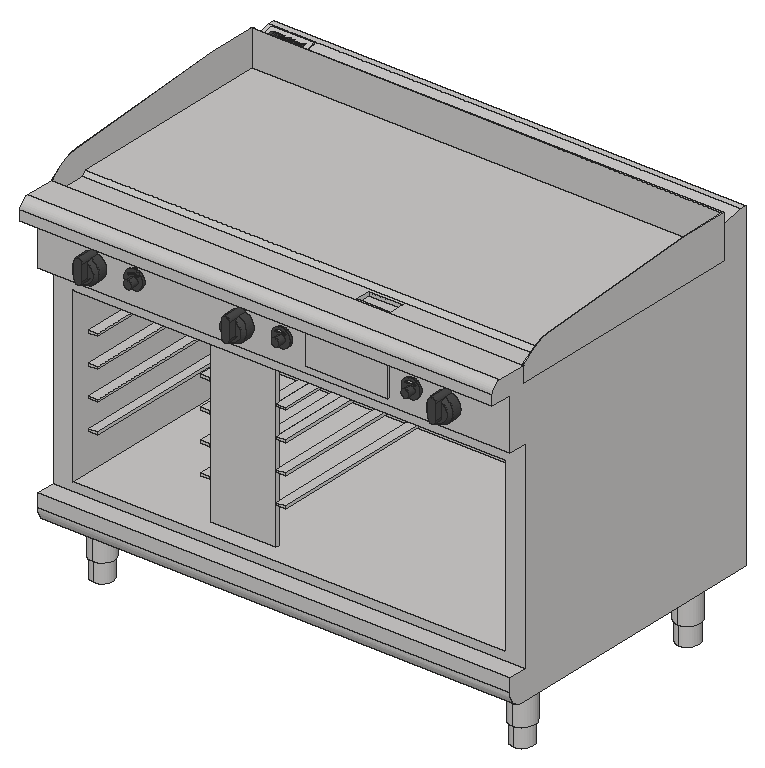
Revit family "QF_MOFFAT WALDORF_GPL8120G-CB", category Specialty Equipment, Revit 2012
Parameters
  Width [instance] = 47.24409"  # constant formula
  Weight in Pounds = 533.518  # constant formula
  URL Cutsheet = "www.moffat.com"
  URL = "www.moffat.com"
  Type Mark [instance] = ""
  Status [instance] = ""
  Specification by User [instance] = ""
  Specification by Manufacturer = ""
  Show Logo [instance] = yes
  Show Casters [instance] = no
  Serial Number = ""
  Seismic Rating = ""
  SMACNA No = ""
  Revision Code [instance] = ""
  Omniclass Number and Title = ""
  NAFEM Spec ID Number = ""
  Model = "GPL8120G-CB"
  Mechanical Remarks [instance] = ""
  Mechanical Connection Type [instance] = ""
  Masterspec = ""
  Manufacturer = "MOFFAT WALDORF"
  Legs [instance] = not(Show Casters)  # yes
  Item Number [instance] = ""
  Installed By [instance] = ""
  Identify Quantity as Lot [instance] = yes
  Height [instance] = 14.56693"  # constant formula
  Gas Size = 3/4"
  Gas RI Height [instance] = 0"
  Gas KW [instance] = 30
  Gas Input [instance] = 102364.0 Btu/h
  Gas Connection Height = 0"
  Furnished By [instance] = ""
  Foodservice Equipment Identifier [instance] = yes
  Description = "GRIDDLE PLATE LOW SPLASHBACK GAS ON CABINET BASE"
  Depth [instance] = 31.69291"  # constant formula
  CSI MasterFormat = ""
  CSI Master Format = ""
  Base Height [instance] = 5.90551"
Reference planes (in)
  plane 1 "BACK": y = 0
  plane 2: z = 0
  plane 3 "LEFT": x = 0
  plane 4 "RIGHT": x = 47.24409
  plane 5 "FRONT": y = -31.69291
  plane 6 "TOP": z = 38.18898
  plane 7 "Center Y": x = 23.62205
  plane 8 "Center X": y = -15.84646
  plane 9 "Base Height": z = 5.90551
  plane 10: x = 2.55906
  plane 11: x = 44.64567
  plane 12: z = 36.02362
  plane 13: z = 25.7874
Forms (in)
  Extrusion 1, solid, material "QF_Finishes_Stainless Steel"
    sketch origin (0, 0, 0) x (0, 1, 0) y (0, 0, 1)
      loop
        line (-31.69291, 35.07874) -> (-31.69291, 34.09449) -> (-29.48819, 34.09449) -> (-29.48819, 28.93701) -> (-3.93701, 28.93701) -> (-3.93701, 5.90551) -> (0, 5.90551) -> (0, 38.18898) -> (-0.64209, 38.18898) -> (-2.46403, 37.70079)
        arc (-2.46403, 37.70079) -> (-2.69717, 37.53062) -> (-2.75591, 37.24803) r 0.40149
        line (-2.75591, 37.24803) -> (-2.75591, 34.44882) -> (-27.75591, 34.44882) -> (-27.75591, 36.02362) -> (-30.74803, 36.02362)
        arc (-30.74803, 36.02362) -> (-31.41616, 35.74687) -> (-31.69291, 35.07874) r 0.94488
      loop
        line (-27.51969, 5.90551) -> (-27.51969, 8.75984) -> (-29.48819, 8.75984) -> (-29.48819, 7.40157)
        arc (-29.48819, 7.40157) -> (-29.05, 6.3437) -> (-27.99213, 5.90551) r 1.49606
        line (-27.99213, 5.90551) -> (-27.51969, 5.90551)
    from 0 to 47.24409
  Extrusion 2, solid, material "QF_Finishes_Stainless Steel"
    sketch origin (27.75591, 0.11811, 3.93701) x (1, 0, 0) y (0, 1, 0)
      loop
        circle (14.33071, -1.37795) r 0.5315
    from 21.85039 to 25
  Revolve 3, solid, material "QF_Finishes_Black"
    sketch origin (5.90551, 0, 23.61706) x (0, 1, 0) y (0, 0, -1)
      loop
        line (-30.7874, -9.03543) -> (-29.88189, -9.03543) -> (-29.88189, -7.95276) -> (-29.48819, -7.95276) -> (-29.48819, -7.75591) -> (-31.22047, -7.75591) -> (-31.22047, -8.80517) -> (-30.7874, -9.03543)
      axis (-31.22047, -7.75591) -> (-29.48819, -7.75591)
    angle from 0 to 360
  Extrusion 4, solid, material "QF_Finishes_Black"
    sketch origin (11.34919, 0, 23.62328) x (-1, 0, 0) y (0, 0, -1)
      loop
        arc (5.83735, -7.28223) -> (5.44365, -6.88853) -> (5.04995, -7.28223) r 0.3937
        line (5.04995, -7.28223) -> (5.04995, -8.81767)
        arc (5.04995, -8.81767) -> (5.44365, -9.21137) -> (5.83735, -8.81767) r 0.3937
        line (5.83735, -8.81767) -> (5.83735, -7.28223)
    from 29.88189 to 31.81102
  Extrusion 5, solid, material "QF_Finishes_Stainless Steel"
    sketch origin (1.68504, -29.48819, 34.09449) x (0, 0, -1) y (1, 0, 0)
      loop
        line (1.04331, 25.19685) -> (4.4685, 25.19685) -> (4.4685, 33.46457) -> (1.04331, 33.46457) -> (1.04331, 25.19685)
    from 0 to 0.09843
  Extrusion 6, solid, material "QF_Finishes_Stainless Steel"
    sketch origin (1.68504, -29.58661, 34.09449) x (0, 0, -1) y (1, 0, 0)
      loop
        line (1.3189, 33.46457) -> (1.04331, 33.46457) -> (1.04331, 25.19685) -> (1.3189, 25.19685) -> (1.3189, 33.46457)
    from 0 to 0.19685
  Extrusion 7, solid, material "QF_Finishes_Black"
    sketch origin (0, -29.48819, 34.09449) x (0, 0, -1) y (1, 0, 0)
      loop
        circle (2.70669, 9.74409) r 0.94488
      loop
        arc (2.31694, 10.33124) -> (2.00055, 9.749) -> (2.30836, 9.16218) r 0.70345
        arc (2.30836, 9.16218) -> (2.32725, 9.15095) -> (2.34753, 9.15943) r 0.02445
        arc (2.34753, 9.15943) -> (2.40409, 9.26016) -> (2.41764, 9.37489) r 0.29507
        arc (2.41764, 9.37489) -> (2.4096, 9.41142) -> (2.39196, 9.44439) r 0.1367
        arc (2.39196, 9.44439) -> (2.30175, 9.73823) -> (2.38559, 10.03395) r 0.54277
        arc (2.38559, 10.03395) -> (2.41079, 10.08392) -> (2.42122, 10.13891) r 0.20083
        arc (2.42122, 10.13891) -> (2.40663, 10.23806) -> (2.35565, 10.32436) r 0.26029
        arc (2.35565, 10.32436) -> (2.33749, 10.33451) -> (2.31694, 10.33124) r 0.03175
    from 0 to 0.19685
  Extrusion 8, solid, material "QF_Finishes_Black"
    sketch origin (0, -29.68504, 34.09449) x (0, 0, -1) y (1, 0, 0)
      loop
        circle (2.84449, 9.74409) r 0.3937
    from 0 to 0.71853
  Revolve 9, solid, material "QF_Finishes_Black"
    sketch origin (41.33858, 0, 23.61706) x (0, 1, 0) y (0, 0, 1)
      loop
        line (-30.7874, 9.03543) -> (-31.22047, 8.80517) -> (-31.22047, 7.75591) -> (-29.48819, 7.75591) -> (-29.48819, 7.95276) -> (-29.88189, 7.95276) -> (-29.88189, 9.03543) -> (-30.7874, 9.03543)
      axis (-31.22047, 7.75591) -> (-29.48819, 7.75591)
    angle from 0 to 360
  Extrusion 10, solid, material "QF_Finishes_Black"
    sketch origin (35.8949, 0, 23.62328) x (1, 0, 0) y (0, 0, 1)
      loop
        line (5.83735, 7.28223) -> (5.83735, 8.81767)
        arc (5.83735, 8.81767) -> (5.44365, 9.21137) -> (5.04995, 8.81767) r 0.3937
        line (5.04995, 8.81767) -> (5.04995, 7.28223)
        arc (5.04995, 7.28223) -> (5.44365, 6.88853) -> (5.83735, 7.28223) r 0.3937
    from 29.88189 to 31.81102
  Extrusion 11, solid, material "QF_Finishes_Black"
    sketch origin (47.24409, -29.48819, 34.09449) x (0, 0, -1) y (1, 0, 0)
      loop
        circle (2.70669, -9.74409) r 0.94488
      loop
        arc (2.31694, -10.33124) -> (2.33749, -10.33451) -> (2.35565, -10.32436) r 0.03175
        arc (2.35565, -10.32436) -> (2.40663, -10.23806) -> (2.42122, -10.13891) r 0.26029
        arc (2.42122, -10.13891) -> (2.41079, -10.08392) -> (2.38559, -10.03395) r 0.20083
        arc (2.38559, -10.03395) -> (2.30175, -9.73823) -> (2.39196, -9.44439) r 0.54277
        arc (2.39196, -9.44439) -> (2.4096, -9.41142) -> (2.41764, -9.37489) r 0.1367
        arc (2.41764, -9.37489) -> (2.40409, -9.26016) -> (2.34753, -9.15943) r 0.29507
        arc (2.34753, -9.15943) -> (2.32725, -9.15095) -> (2.30836, -9.16218) r 0.02445
        arc (2.30836, -9.16218) -> (2.00055, -9.749) -> (2.31694, -10.33124) r 0.70345
    from 0 to 0.19685
  Extrusion 12, solid, material "QF_Finishes_Black"
    sketch origin (47.24409, -29.68504, 34.09449) x (0, 0, -1) y (1, 0, 0)
      loop
        circle (2.84449, -9.74409) r 0.3937
    from 0 to 0.71853
  Revolve 13, solid, material "QF_Finishes_Black"
    sketch origin (20.66929, 0, 23.61706) x (0, 1, 0) y (0, 0, -1)
      loop
        line (-30.7874, -9.03543) -> (-29.88189, -9.03543) -> (-29.88189, -7.95276) -> (-29.48819, -7.95276) -> (-29.48819, -7.75591) -> (-31.22047, -7.75591) -> (-31.22047, -8.80517) -> (-30.7874, -9.03543)
      axis (-31.22047, -7.75591) -> (-29.48819, -7.75591)
    angle from 0 to 360
  Extrusion 14, solid, material "QF_Finishes_Black"
    sketch origin (26.11297, 0, 23.62328) x (-1, 0, 0) y (0, 0, -1)
      loop
        arc (5.83735, -7.28223) -> (5.44365, -6.88853) -> (5.04995, -7.28223) r 0.3937
        line (5.04995, -7.28223) -> (5.04995, -8.81767)
        arc (5.04995, -8.81767) -> (5.44365, -9.21137) -> (5.83735, -8.81767) r 0.3937
        line (5.83735, -8.81767) -> (5.83735, -7.28223)
    from 29.88189 to 31.81102
  Extrusion 15, solid, material "QF_Finishes_Black"
    sketch origin (14.76378, -29.48819, 34.09449) x (0, 0, -1) y (1, 0, 0)
      loop
        circle (2.70669, 9.74409) r 0.94488
      loop
        arc (2.31694, 10.33124) -> (2.00055, 9.749) -> (2.30836, 9.16218) r 0.70345
        arc (2.30836, 9.16218) -> (2.32725, 9.15095) -> (2.34753, 9.15943) r 0.02445
        arc (2.34753, 9.15943) -> (2.40409, 9.26016) -> (2.41764, 9.37489) r 0.29507
        arc (2.41764, 9.37489) -> (2.4096, 9.41142) -> (2.39196, 9.44439) r 0.1367
        arc (2.39196, 9.44439) -> (2.30175, 9.73823) -> (2.38559, 10.03395) r 0.54277
        arc (2.38559, 10.03395) -> (2.41079, 10.08392) -> (2.42122, 10.13891) r 0.20083
        arc (2.42122, 10.13891) -> (2.40663, 10.23806) -> (2.35565, 10.32436) r 0.26029
        arc (2.35565, 10.32436) -> (2.33749, 10.33451) -> (2.31694, 10.33124) r 0.03175
    from 0 to 0.19685
  Extrusion 16, solid, material "QF_Finishes_Black"
    sketch origin (14.76378, -29.68504, 34.09449) x (0, 0, -1) y (1, 0, 0)
      loop
        circle (2.84449, 9.74409) r 0.3937
    from 0 to 0.71853
  Revolve 17, solid, material "QF_Finishes_Stainless Steel", visible <- "Legs"
    sketch origin (44.6063, -8.26772, 0) x (0, 1, 0) y (0, 0, -1)
      loop
        line (3.08071, -5.90551) -> (4.33071, -5.90551) -> (4.33071, 0) -> (3.24803, 0) -> (3.24803, -1.9685) -> (3.08071, -1.9685) -> (3.08071, -5.90551)
      axis (4.33071, -5.90551) -> (4.33071, 0)
    angle from 0 to 360
  Revolve 18, solid, material "QF_Finishes_Stainless Steel"
    sketch origin (44.6063, -28.93701, 0) x (0, 1, 0) y (0, 0, -1)
      loop
        line (3.08071, -5.90551) -> (4.33071, -5.90551) -> (4.33071, 0) -> (3.24803, 0) -> (3.24803, -1.9685) -> (3.08071, -1.9685) -> (3.08071, -5.90551)
      axis (4.33071, -5.90551) -> (4.33071, 0)
    angle from 0 to 360
  Revolve 19, solid, material "QF_Finishes_Stainless Steel", visible <- "Legs"
    sketch origin (2.55906, -8.26772, 0) x (0, 1, 0) y (0, 0, -1)
      loop
        line (3.08071, -5.90551) -> (4.33071, -5.90551) -> (4.33071, 0) -> (3.24803, 0) -> (3.24803, -1.9685) -> (3.08071, -1.9685) -> (3.08071, -5.90551)
      axis (4.33071, -5.90551) -> (4.33071, 0)
    angle from 0 to 360
  Revolve 20, solid, material "QF_Finishes_Stainless Steel"
    sketch origin (2.55906, -28.93701, 0) x (0, 1, 0) y (0, 0, -1)
      loop
        line (3.08071, -5.90551) -> (4.33071, -5.90551) -> (4.33071, 0) -> (3.24803, 0) -> (3.24803, -1.9685) -> (3.08071, -1.9685) -> (3.08071, -5.90551)
      axis (4.33071, -5.90551) -> (4.33071, 0)
    angle from 0 to 360
  Extrusion 21, solid, material "QF_Finishes_Stainless Steel"
    sketch origin (0, -3.93701, 28.93701) x (0, 0, 1) y (-1, 0, 0)
      loop
        line (0, 0) -> (-23.0315, 0) -> (-23.0315, -47.24409) -> (0, -47.24409) -> (0, 0)
      loop
        line (-2.16535, -1.9685) -> (-19.38976, -1.9685) -> (-19.38976, -45.27559) -> (-2.16535, -45.27559) -> (-2.16535, -1.9685)
    from 0 to 23.58268
  Extrusion 22, void
    sketch origin (0, 0, 5.90551) x (-1, 0, 0) y (0, -1, 0)
      loop
        line (-44.51269, 3.43545) -> (-44.51269, -1.19053) -> (-39.41426, -1.19053) -> (-39.41426, 1.526) -> (-41.32371, 3.43545) -> (-44.51269, 3.43545)
    from 2.85433 to 23.0315
  Extrusion 23, solid, material "QF_Finishes_Stainless Steel"
    sketch origin (0, -3.93701, 28.93701) x (0, 0, 1) y (-1, 0, 0)
      loop
        line (-2.16535, -20.80709) -> (-2.16535, -14.27165) -> (-19.38976, -14.27165) -> (-19.38976, -20.80709) -> (-2.16535, -20.80709)
    from 21.38983 to 21.78353
  Extrusion 24, solid, material "QF_Finishes_Stainless Steel"
    sketch origin (0, -3.93701, 28.93701) x (0, 0, 1) y (-1, 0, 0)
      loop
        line (-9.69488, -14.24705) -> (-9.44488, -14.24705) -> (-9.44488, -13.2628) -> (-9.69488, -13.2628) -> (-9.69488, -14.24705)
      loop
        line (-12.64764, -14.24705) -> (-12.39764, -14.24705) -> (-12.39764, -13.2628) -> (-12.64764, -13.2628) -> (-12.64764, -14.24705)
      loop
        line (-12.64764, -1.9685) -> (-12.64764, -2.95276) -> (-12.39764, -2.95276) -> (-12.39764, -1.9685) -> (-12.64764, -1.9685)
      loop
        line (-9.44488, -2.95276) -> (-9.44488, -1.9685) -> (-9.69488, -1.9685) -> (-9.69488, -2.95276) -> (-9.44488, -2.95276)
      loop
        line (-15.60039, -14.24705) -> (-15.35039, -14.24705) -> (-15.35039, -13.2628) -> (-15.60039, -13.2628) -> (-15.60039, -14.24705)
      loop
        line (-15.60039, -1.9685) -> (-15.60039, -2.95276) -> (-15.35039, -2.95276) -> (-15.35039, -1.9685) -> (-15.60039, -1.9685)
      loop
        line (-6.74213, -14.24705) -> (-6.49213, -14.24705) -> (-6.49213, -13.2628) -> (-6.74213, -13.2628) -> (-6.74213, -14.24705)
      loop
        line (-6.49213, -2.95276) -> (-6.49213, -1.9685) -> (-6.74213, -1.9685) -> (-6.74213, -2.95276) -> (-6.49213, -2.95276)
      loop
        line (-9.69488, -20.83661) -> (-9.69488, -21.82087) -> (-9.44488, -21.82087) -> (-9.44488, -20.83661) -> (-9.69488, -20.83661)
      loop
        line (-12.64764, -20.83661) -> (-12.64764, -21.82087) -> (-12.39764, -21.82087) -> (-12.39764, -20.83661) -> (-12.64764, -20.83661)
      loop
        line (-12.64764, -45.23267) -> (-12.39764, -45.23267) -> (-12.39764, -44.24842) -> (-12.64764, -44.24842) -> (-12.64764, -45.23267)
      loop
        line (-9.44488, -44.24842) -> (-9.69488, -44.24842) -> (-9.69488, -45.23267) -> (-9.44488, -45.23267) -> (-9.44488, -44.24842)
      loop
        line (-15.60039, -20.83661) -> (-15.60039, -21.82087) -> (-15.35039, -21.82087) -> (-15.35039, -20.83661) -> (-15.60039, -20.83661)
      loop
        line (-15.60039, -45.23267) -> (-15.35039, -45.23267) -> (-15.35039, -44.24842) -> (-15.60039, -44.24842) -> (-15.60039, -45.23267)
      loop
        line (-6.74213, -20.83661) -> (-6.74213, -21.82087) -> (-6.49213, -21.82087) -> (-6.49213, -20.83661) -> (-6.74213, -20.83661)
      loop
        line (-6.49213, -44.24842) -> (-6.74213, -44.24842) -> (-6.74213, -45.23267) -> (-6.49213, -45.23267) -> (-6.49213, -44.24842)
    from 0 to 21.78353
Cuts and joins
  Extrusion 22 cuts Extrusion 1
  joined: Extrusion 1, Extrusion 21
  joined: Extrusion 5, Extrusion 6
Lines and regions (in)
  Split face 1
    outline origin (47.24409, -0.64209, 38.18898) x (-1, 0, 0) y (0, -0.965926, -0.258819)
      loop
        line (41.15926, 0.18597) -> (41.15926, 1.56392) -> (40.37185, 1.56392) -> (40.37185, 0.18597) -> (41.15926, 0.18597)
  Split face 2
    outline origin (47.24409, -0.64209, 38.18898) x (-1, 0, 0) y (0, -0.965926, -0.258819)
      loop
        line (39.19451, 0.18597) -> (39.19451, 1.54423) -> (38.40711, 1.54423) -> (38.40711, 0.18597) -> (39.19451, 0.18597)
  Split face 3
    outline origin (47.24409, -0.64209, 38.18898) x (-1, 0, 0) y (0, -0.965926, -0.258819)
      loop
        line (37.23473, 0.18597) -> (37.23473, 1.54423) -> (36.43374, 1.54423) -> (36.43374, 0.18597) -> (37.23473, 0.18597)
  Split face 4
    outline origin (47.24409, -0.64209, 38.18898) x (-1, 0, 0) y (0, -0.965926, -0.258819)
      loop
        line (35.26159, 0.18597) -> (35.26159, 1.54423) -> (34.46435, 1.54423) -> (34.46435, 0.18597) -> (35.26159, 0.18597)
  Split face 5
    outline origin (47.24409, -0.64209, 38.18898) x (-1, 0, 0) y (0, -0.965926, -0.258819)
      loop
        line (33.29841, 0.18597) -> (33.29841, 1.56392) -> (32.50404, 1.56392) -> (32.50404, 0.18597) -> (33.29841, 0.18597)
  Split face 6
    outline origin (47.24409, -0.64209, 38.18898) x (-1, 0, 0) y (0, -0.965926, -0.258819)
      loop
        line (31.32247, 0.18597) -> (31.32247, 1.54423) -> (30.545, 1.54423) -> (30.545, 0.18597) -> (31.32247, 0.18597)
  Split face 7
    outline origin (47.24409, -0.64209, 38.18898) x (-1, 0, 0) y (0, -0.965926, -0.258819)
      loop
        line (29.24951, 0.19023) -> (29.24951, 1.54423) -> (28.4623, 1.54423) -> (28.4623, 0.19023) -> (29.24951, 0.19023)
  Split face 8
    outline origin (47.24409, -0.64209, 38.18898) x (-1, 0, 0) y (0, -0.965926, -0.258819)
      loop
        line (27.27609, 0.18597) -> (27.27609, 1.54423) -> (26.49335, 1.54423) -> (26.49335, 0.18597) -> (27.27609, 0.18597)
  Split face 9
    outline origin (47.24409, -0.64209, 38.18898) x (-1, 0, 0) y (0, -0.965926, -0.258819)
      loop
        line (25.29648, 0.19023) -> (25.29648, 1.56392) -> (24.52746, 1.56392) -> (24.52746, 0.19023) -> (25.29648, 0.19023)
  Split face 10
    outline origin (47.24409, -0.64209, 38.18898) x (-1, 0, 0) y (0, -0.965926, -0.258819)
      loop
        line (23.35797, 0.18597) -> (23.35797, 1.54423) -> (22.56106, 1.54423) -> (22.56106, 0.18597) -> (23.35797, 0.18597)
  Split face 11
    outline origin (47.24409, -0.64209, 38.18898) x (-1, 0, 0) y (0, -0.965926, -0.258819)
      loop
        line (21.39485, 0.19023) -> (21.39485, 1.54423) -> (20.58823, 1.54423) -> (20.58823, 0.19023) -> (21.39485, 0.19023)
  Split face 12
    outline origin (47.24409, -0.64209, 38.18898) x (-1, 0, 0) y (0, -0.965926, -0.258819)
      loop
        line (19.43174, 0.19023) -> (19.43174, 1.56392) -> (18.63483, 1.56392) -> (18.63483, 0.19023) -> (19.43174, 0.19023)
  Split face 13
    outline origin (47.24409, -0.64209, 38.18898) x (-1, 0, 0) y (0, -0.965926, -0.258819)
      loop
        line (17.43848, 0.19023) -> (17.43848, 1.56392) -> (16.64256, 1.56392) -> (16.64256, 0.19023) -> (17.43848, 0.19023)
  Split face 14
    outline origin (47.24409, -0.64209, 38.18898) x (-1, 0, 0) y (0, -0.965926, -0.258819)
      loop
        line (15.43294, 0.18597) -> (15.43294, 1.54423) -> (14.65547, 1.54423) -> (14.65547, 0.18597) -> (15.43294, 0.18597)
  Split face 15
    outline origin (47.24409, -0.64209, 38.18898) x (-1, 0, 0) y (0, -0.965926, -0.258819)
      loop
        line (13.47203, 0.18597) -> (13.47203, 1.54423) -> (12.68644, 1.54423) -> (12.68644, 0.18597) -> (13.47203, 0.18597)
  symbolic lines, visible <- "Show Logo"
    curve 1: line (0.49213, -2.13723, 0) -> (0.49213, -0.83067, 0)
    curve 2: line (4.78346, -0.83067, 0) -> (4.78346, -2.13723, 0)
    curve 3: line (0.49213, -0.83067, 0) -> (4.78346, -0.83067, 0)
    curve 4: line (0.49213, -2.13723, 0) -> (4.78346, -2.13723, 0)
  symbolic lines
    curve 5: line (6.08514, -2.13723, 0) -> (6.08514, -0.82613, 0)
    curve 6: line (6.08514, -0.82613, 0) -> (6.87254, -0.82613, 0)
    curve 7: line (6.87254, -0.82613, 0) -> (6.87254, -2.13723, 0)
    curve 8: line (6.87254, -2.13723, 0) -> (6.08514, -2.13723, 0)
    curve 9: line (8.05364, -0.82613, 0) -> (8.05364, -2.13723, 0)
    curve 10: line (8.05364, -2.13723, 0) -> (8.84104, -2.13723, 0)
    curve 11: line (8.84104, -2.13723, 0) -> (8.84104, -0.82613, 0)
    curve 12: line (8.84104, -0.82613, 0) -> (8.05364, -0.82613, 0)
    curve 13: line (10.02215, -0.82613, 0) -> (10.02215, -2.13723, 0)
    curve 14: line (10.02215, -2.13723, 0) -> (10.80955, -2.13723, 0)
    curve 15: line (10.80955, -2.13723, 0) -> (10.80955, -0.82613, 0)
    curve 16: line (10.80955, -0.82613, 0) -> (10.02215, -0.82613, 0)
    curve 17: line (0, -31.69291, 0) -> (47.24409, -31.69291, 0)
    curve 18: line (0, 0, 0) -> (0, -31.69291, 0)
    curve 19: line (47.24409, 0, 0) -> (0, 0, 0)
    curve 20: line (0, -2.75591, 0) -> (47.24409, -2.75591, 0)
    curve 21: line (47.24409, -27.75591, 0) -> (0, -27.75591, 0)
    curve 22: line (11.99065, -0.82613, 0) -> (11.99065, -2.13723, 0)
    curve 23: line (11.99065, -2.13723, 0) -> (12.77805, -2.13723, 0)
    curve 24: line (12.77805, -2.13723, 0) -> (12.77805, -0.82613, 0)
    curve 25: line (12.77805, -0.82613, 0) -> (11.99065, -0.82613, 0)
    curve 26: line (13.95915, -0.82613, 0) -> (13.95915, -2.13723, 0)
    curve 27: line (13.95915, -2.13723, 0) -> (14.74656, -2.13723, 0)
    curve 28: line (14.74656, -2.13723, 0) -> (14.74656, -0.82613, 0)
    curve 29: line (14.74656, -0.82613, 0) -> (13.95915, -0.82613, 0)
    curve 30: line (15.92766, -0.82613, 0) -> (15.92766, -2.13723, 0)
    curve 31: line (15.92766, -2.13723, 0) -> (16.71506, -2.13723, 0)
    curve 32: line (16.71506, -2.13723, 0) -> (16.71506, -0.82613, 0)
    curve 33: line (16.71506, -0.82613, 0) -> (15.92766, -0.82613, 0)
    curve 34: line (17.99459, -0.82613, 0) -> (17.99459, -2.13723, 0)
    curve 35: line (17.99459, -2.13723, 0) -> (18.78199, -2.13723, 0)
    curve 36: line (18.78199, -2.13723, 0) -> (18.78199, -0.82613, 0)
    curve 37: line (18.78199, -0.82613, 0) -> (17.99459, -0.82613, 0)
    curve 38: line (19.96309, -0.82613, 0) -> (19.96309, -2.13723, 0)
    curve 39: line (19.96309, -2.13723, 0) -> (20.75049, -2.13723, 0)
    curve 40: line (20.75049, -2.13723, 0) -> (20.75049, -0.82613, 0)
    curve 41: line (20.75049, -0.82613, 0) -> (19.96309, -0.82613, 0)
    curve 42: line (21.93159, -2.13723, 0) -> (22.719, -2.13723, 0)
    curve 43: line (22.719, -2.13723, 0) -> (22.719, -0.82613, 0)
    curve 44: line (22.719, -0.82613, 0) -> (21.93159, -0.82613, 0)
    curve 45: line (21.93159, -0.82613, 0) -> (21.93159, -2.13723, 0)
    curve 46: line (23.9001, -2.13723, 0) -> (24.6875, -2.13723, 0)
    curve 47: line (24.6875, -2.13723, 0) -> (24.6875, -0.82613, 0)
    curve 48: line (24.6875, -0.82613, 0) -> (23.9001, -0.82613, 0)
    curve 49: line (23.9001, -0.82613, 0) -> (23.9001, -2.13723, 0)
    curve 50: line (26.656, -2.13723, 0) -> (25.8686, -2.13723, 0)
    curve 51: line (25.8686, -2.13723, 0) -> (25.8686, -0.82613, 0)
    curve 52: line (25.8686, -0.82613, 0) -> (26.656, -0.82613, 0)
    curve 53: line (26.656, -0.82613, 0) -> (26.656, -2.13723, 0)
    curve 54: line (27.83711, -2.13723, 0) -> (28.62451, -2.13723, 0)
    curve 55: line (28.62451, -2.13723, 0) -> (28.62451, -0.82613, 0)
    curve 56: line (28.62451, -0.82613, 0) -> (27.83711, -0.82613, 0)
    curve 57: line (27.83711, -0.82613, 0) -> (27.83711, -2.13723, 0)
    curve 58: line (29.80561, -2.13723, 0) -> (30.59301, -2.13723, 0)
    curve 59: line (30.59301, -2.13723, 0) -> (30.59301, -0.82613, 0)
    curve 60: line (30.59301, -0.82613, 0) -> (29.80561, -0.82613, 0)
    curve 61: line (29.80561, -0.82613, 0) -> (29.80561, -2.13723, 0)
    curve 62: line (31.80356, -2.13723, 0) -> (32.59096, -2.13723, 0)
    curve 63: line (32.59096, -2.13723, 0) -> (32.59096, -0.82613, 0)
    curve 64: line (32.59096, -0.82613, 0) -> (31.80356, -0.82613, 0)
    curve 65: line (31.80356, -0.82613, 0) -> (31.80356, -2.13723, 0)
    curve 66: line (33.77207, -2.13723, 0) -> (34.55947, -2.13723, 0)
    curve 67: line (34.55947, -2.13723, 0) -> (34.55947, -0.82613, 0)
    curve 68: line (34.55947, -0.82613, 0) -> (33.77207, -0.82613, 0)
    curve 69: line (33.77207, -0.82613, 0) -> (33.77207, -2.13723, 0)
    curve 70: line (47.24409, -31.69291, 0) -> (47.24409, 0, 0)
Dimensions and locks (in)
  equal spacing: plane 3 "LEFT", plane 7 "Center Y", plane 4 "RIGHT"
  "Width": plane 3 "LEFT" to plane 4 "RIGHT"
  equal spacing: plane 5 "FRONT", plane 8 "Center X", plane 1 "BACK"
  "Depth": plane 5 "FRONT" to plane 1 "BACK"
  "Base Height": plane 9 "Base Height" to level
  plane 11 to plane 10 = 42.08661"
  plane 6 "TOP" to level = 38.18898"
  plane 12 to level = 36.02362"
  plane 13 to level = 25.7874"
  aligned and locked: level to plane 2
Automatic sketch dimensions
  curve 17 to plane 3 "LEFT" = 0"
  plane 1 "BACK" to curve 19 = 0"
  curve 19 to plane 4 "RIGHT" = 0"
  plane 5 "FRONT" to curve 17 = 0"
  plane 3 "LEFT" to curve 1 = 0.49213"
  plane 10 to curve 4 = 2.22441"
  curve 2 to curve 6 = 1.30167"
  curve 5 to curve 8 = 0.7874"
  curve 6 to curve 12 = 1.1811"
  curve 9 to curve 10 = 0.7874"
  curve 11 to curve 16 = 1.1811"
  curve 13 to curve 15 = 0.7874"
  curve 15 to curve 22 = 1.1811"
  curve 22 to curve 24 = 0.7874"
  curve 23 to curve 26 = 1.1811"
  curve 26 to curve 27 = 0.7874"
  curve 27 to curve 30 = 1.1811"
  curve 30 to curve 32 = 0.7874"
  curve 31 to curve 34 = 1.27953"
  curve 34 to curve 35 = 0.7874"
  curve 36 to curve 38 = 1.1811"
  curve 38 to curve 41 = 0.7874"
  curve 39 to curve 42 = 1.1811"
  curve 44 to curve 43 = 0.7874"
  plane 7 "Center Y" to curve 48 = 0.27805"
  curve 46 to curve 46 = 0.7874"
  curve 47 to curve 52 = 1.1811"
  curve 51 to curve 53 = 0.7874"
  curve 50 to curve 54 = 1.1811"
  curve 56 to curve 56 = 0.7874"
  curve 55 to curve 61 = 1.1811"
  curve 58 to curve 58 = 0.7874"
  curve 58 to curve 62 = 1.21055"
  curve 62 to curve 62 = 0.7874"
  curve 63 to curve 68 = 1.1811"
  curve 66 to curve 66 = 0.7874"
  curve 21 to plane 5 "FRONT" = 3.93701"
  curve 20 to curve 19 = 2.75591"
  plane 1 "BACK" to curve 2 = 2.13723"
  plane 1 "BACK" to curve 7 = 2.13723"
  plane 1 "BACK" to curve 59 = 2.13723"
  curve 7 to curve 9 = 0"
  curve 57 to curve 58 = 0"
  curve 10 to curve 13 = 0"
  curve 53 to curve 54 = 0"
  curve 58 to curve 62 = 0"
  curve 62 to curve 66 = 0"
  curve 49 to curve 50 = 0"
  curve 14 to curve 22 = 0"
  curve 45 to curve 46 = 0"
  curve 23 to curve 26 = 0"
  curve 40 to curve 42 = 0"
  curve 27 to curve 30 = 0"
  curve 36 to curve 38 = 0"
  plane 1 "BACK" to curve 2 = 0.83067"
  plane 1 "BACK" to curve 33 = 0.82613"
  plane 1 "BACK" to curve 40 = 0.82613"
  plane 1 "BACK" to curve 29 = 0.82613"
  plane 1 "BACK" to curve 43 = 0.82613"
  plane 1 "BACK" to curve 25 = 0.82613"
  plane 1 "BACK" to curve 47 = 0.82613"
  plane 1 "BACK" to curve 69 = 0.82613"
  plane 1 "BACK" to curve 52 = 0.82613"
  plane 1 "BACK" to curve 16 = 0.82613"
  plane 1 "BACK" to curve 55 = 0.82613"
  plane 1 "BACK" to curve 12 = 0.82613"
  plane 1 "BACK" to curve 59 = 0.82613"
  plane 1 "BACK" to curve 7 = 0.82613"
  plane 1 "BACK" to curve 63 = 0.82613"
  plane 1 "BACK" to curve 37 = 0.82613"
  plane 1 "BACK" to Extrusion 2 sketch curve = 1.25984"
  plane 11 to Extrusion 2 sketch curve = 2.55906"
  Revolve 3 sketch curve to plane 5 "FRONT" = 0.47244"
  Revolve 3 sketch curve to Revolve 3 sketch curve = 0"  (x2)
  Revolve 3 sketch curve to Revolve 3 sketch curve = 0.43307"
  Revolve 3 sketch curve to Revolve 3 sketch curve = 1/2"
  Revolve 3 sketch curve to Revolve 3 sketch curve = 0.90551"
  Revolve 3 sketch curve to Revolve 3 sketch curve = 0.3937"
  Revolve 3 sketch curve to plane 12 = 3.37112"
  Revolve 3 sketch curve to Revolve 3 sketch curve = 0.23027"
  Revolve 3 sketch curve to Revolve 3 sketch curve = 1.08268"
  Revolve 3 sketch curve to Revolve 3 sketch curve = 0.19685"
  plane 10 to Extrusion 4 sketch curve = 3.74019"
  Extrusion 4 sketch curve to Extrusion 4 sketch curve = 0.3937"
  Extrusion 4 sketch curve to plane 12 = 3.58268"
  Extrusion 4 sketch curve to Extrusion 4 sketch curve = 1.53543"
  Extrusion 1 to Extrusion 5 sketch curve = 1.04331"
  Extrusion 5 sketch curve to Extrusion 1 = 0.68898"
  Extrusion 1 to Extrusion 5 sketch curve = 20.3622"
  Extrusion 5 sketch curve to Extrusion 5 sketch curve = 8.26772"
  Extrusion 6 sketch curve to Extrusion 5 = 0"  (x2)
  Extrusion 5 to Extrusion 6 sketch curve = 0"
  Extrusion 6 sketch curve to Extrusion 6 sketch curve = 0.27559"
  Extrusion 1 to Extrusion 7 sketch curve = 2.1235"
  Extrusion 7 sketch curve to Extrusion 7 sketch curve = 0.03772"
  Extrusion 7 sketch curve to Extrusion 7 sketch curve = 0.0594"
  Extrusion 7 sketch curve to Extrusion 7 sketch curve = 0.15788"
  Extrusion 7 sketch curve to Extrusion 7 sketch curve = 0.02698"
  Extrusion 7 sketch curve to Extrusion 7 sketch curve = 0.09632"
  Extrusion 7 sketch curve to Extrusion 7 sketch curve = 0.02061"
  Extrusion 7 sketch curve to Extrusion 7 sketch curve = 0.015"
  Extrusion 7 sketch curve to Extrusion 7 sketch curve = 0.01857"
  Extrusion 7 sketch curve to Extrusion 7 sketch curve = 0"  (x5)
  Extrusion 7 sketch curve to Extrusion 7 sketch curve = 0.02372"
  Extrusion 7 sketch curve to Extrusion 7 sketch curve = 0.16497"
  Extrusion 7 sketch curve to Extrusion 7 sketch curve = 0.11058"
  Extrusion 7 sketch curve to Extrusion 7 sketch curve = 0.02568"
  Extrusion 7 sketch curve to Extrusion 7 sketch curve = 0.03563"
  Extrusion 7 sketch curve to Extrusion 7 sketch curve = 0.31839"
  Extrusion 7 sketch curve to Extrusion 7 sketch curve = 0.00271"
  Extrusion 7 sketch curve to Extrusion 7 sketch curve = 0.1378"
  Extrusion 1 to Extrusion 7 sketch curve = 9.15943"
  Extrusion 7 sketch curve to Extrusion 7 sketch curve = 0.00276"
  Extrusion 7 sketch curve to Extrusion 7 sketch curve = 0.29944"
  Extrusion 7 sketch curve to Extrusion 7 sketch curve = 0.00026"
  Revolve 9 sketch curve to plane 5 "FRONT" = 0.47244"
  Revolve 9 sketch curve to Revolve 9 sketch curve = 0"  (x2)
  Revolve 9 sketch curve to Revolve 9 sketch curve = 0.43307"
  Revolve 9 sketch curve to Revolve 9 sketch curve = 1/2"
  Revolve 9 sketch curve to Revolve 9 sketch curve = 0.90551"
  Revolve 9 sketch curve to Revolve 9 sketch curve = 0.3937"
  Revolve 9 sketch curve to plane 12 = 4.65065"
  Revolve 9 sketch curve to Revolve 9 sketch curve = 0.19685"
  Revolve 9 sketch curve to Revolve 9 sketch curve = 1.04926"
  Revolve 9 sketch curve to Revolve 9 sketch curve = 0.23027"
  plane 11 to Extrusion 10 sketch curve = 3.70082"
  Extrusion 10 sketch curve to Extrusion 10 sketch curve = 0.3937"
  Extrusion 10 sketch curve to plane 12 = 5.11811"
  Extrusion 10 sketch curve to Extrusion 10 sketch curve = 1.53543"
  Extrusion 1 to Extrusion 11 sketch curve = 2.1235"
  Extrusion 11 sketch curve to Extrusion 11 sketch curve = 0.03772"
  Extrusion 11 sketch curve to Extrusion 11 sketch curve = 0.0594"
  Extrusion 11 sketch curve to Extrusion 11 sketch curve = 0.15788"
  Extrusion 11 sketch curve to Extrusion 11 sketch curve = 0.02698"
  Extrusion 11 sketch curve to Extrusion 11 sketch curve = 0.09632"
  Extrusion 11 sketch curve to Extrusion 11 sketch curve = 0.02061"
  Extrusion 11 sketch curve to Extrusion 11 sketch curve = 0.015"
  Extrusion 11 sketch curve to Extrusion 11 sketch curve = 0.01857"
  Extrusion 11 sketch curve to Extrusion 11 sketch curve = 0"  (x5)
  Extrusion 11 sketch curve to Extrusion 11 sketch curve = 0.02372"
  Extrusion 11 sketch curve to Extrusion 11 sketch curve = 0.16497"
  Extrusion 11 sketch curve to Extrusion 11 sketch curve = 0.11058"
  Extrusion 11 sketch curve to Extrusion 11 sketch curve = 0.02568"
  Extrusion 11 sketch curve to Extrusion 11 sketch curve = 0.03563"
  Extrusion 11 sketch curve to Extrusion 11 sketch curve = 0.31839"
  Extrusion 11 sketch curve to Extrusion 11 sketch curve = 0.00271"
  Extrusion 11 sketch curve to Extrusion 11 sketch curve = 0.1378"
  Extrusion 1 to Extrusion 11 sketch curve = 10.33124"
  Extrusion 11 sketch curve to Extrusion 11 sketch curve = 0.00688"
  Extrusion 11 sketch curve to Extrusion 11 sketch curve = 0.28986"
  Extrusion 11 sketch curve to Extrusion 11 sketch curve = 0.00026"
  Revolve 13 sketch curve to plane 5 "FRONT" = 0.47244"
  Revolve 13 sketch curve to Revolve 13 sketch curve = 0"  (x2)
  Revolve 13 sketch curve to Revolve 13 sketch curve = 0.43307"
  Revolve 13 sketch curve to Revolve 13 sketch curve = 1/2"
  Revolve 13 sketch curve to Revolve 13 sketch curve = 0.90551"
  Revolve 13 sketch curve to Revolve 13 sketch curve = 0.3937"
  Revolve 13 sketch curve to plane 12 = 3.37112"
  Revolve 13 sketch curve to Revolve 13 sketch curve = 0.23027"
  Revolve 13 sketch curve to Revolve 13 sketch curve = 1.08268"
  Revolve 13 sketch curve to Revolve 13 sketch curve = 0.19685"
  Extrusion 14 sketch curve to plane 7 "Center Y" = 2.55903"
  Extrusion 14 sketch curve to Extrusion 14 sketch curve = 0.3937"
  Extrusion 14 sketch curve to plane 12 = 3.58268"
  Extrusion 14 sketch curve to Extrusion 14 sketch curve = 1.53543"
  Extrusion 1 to Extrusion 15 sketch curve = 2.1235"
  Extrusion 15 sketch curve to Extrusion 15 sketch curve = 0.03772"
  Extrusion 15 sketch curve to Extrusion 15 sketch curve = 0.0594"
  Extrusion 15 sketch curve to Extrusion 15 sketch curve = 0.15788"
  Extrusion 15 sketch curve to Extrusion 15 sketch curve = 0.02698"
  Extrusion 15 sketch curve to Extrusion 15 sketch curve = 0.09632"
  Extrusion 15 sketch curve to Extrusion 15 sketch curve = 0.02061"
  Extrusion 15 sketch curve to Extrusion 15 sketch curve = 0.015"
  Extrusion 15 sketch curve to Extrusion 15 sketch curve = 0.01857"
  Extrusion 15 sketch curve to Extrusion 15 sketch curve = 0"  (x5)
  Extrusion 15 sketch curve to Extrusion 15 sketch curve = 0.02372"
  Extrusion 15 sketch curve to Extrusion 15 sketch curve = 0.16497"
  Extrusion 15 sketch curve to Extrusion 15 sketch curve = 0.11058"
  Extrusion 15 sketch curve to Extrusion 15 sketch curve = 0.02568"
  Extrusion 15 sketch curve to Extrusion 15 sketch curve = 0.03563"
  Extrusion 15 sketch curve to Extrusion 15 sketch curve = 0.31839"
  Extrusion 15 sketch curve to Extrusion 15 sketch curve = 0.00271"
  Extrusion 15 sketch curve to Extrusion 15 sketch curve = 0.1378"
  Extrusion 1 to Extrusion 15 sketch curve = 23.32089"
  Extrusion 15 sketch curve to Extrusion 15 sketch curve = 0.00276"
  Extrusion 15 sketch curve to Extrusion 15 sketch curve = 0.29944"
  Extrusion 15 sketch curve to Extrusion 15 sketch curve = 0.00026"
  Revolve 17 sketch curve to plane 9 "Base Height" = 0"
  Revolve 17 sketch curve to level = 0"
  level to Revolve 17 sketch curve = 1.9685"
  plane 1 "BACK" to Revolve 17 sketch curve = 5.18701"
  Revolve 17 sketch curve to Revolve 17 sketch curve = 0.16732"
  Revolve 17 sketch curve to Revolve 17 sketch curve = 1.08268"  (x2)
  Revolve 17 sketch curve to Revolve 17 sketch curve = 0"
  Revolve 17 sketch curve to Revolve 17 sketch curve = 2.16535"
  Revolve 18 sketch curve to plane 9 "Base Height" = 0"
  Revolve 18 sketch curve to level = 0"
  level to Revolve 18 sketch curve = 1.9685"
  Revolve 18 sketch curve to plane 5 "FRONT" = 5.83661"
  Revolve 18 sketch curve to Revolve 18 sketch curve = 0.16732"
  Revolve 18 sketch curve to Revolve 18 sketch curve = 1.08268"  (x2)
  Revolve 18 sketch curve to Revolve 18 sketch curve = 0"
  Revolve 18 sketch curve to Revolve 18 sketch curve = 2.16535"
  Revolve 19 sketch curve to plane 9 "Base Height" = 0"
  Revolve 19 sketch curve to level = 0"
  level to Revolve 19 sketch curve = 1.9685"
  plane 1 "BACK" to Revolve 19 sketch curve = 5.18701"
  Revolve 19 sketch curve to Revolve 19 sketch curve = 0.16732"
  Revolve 19 sketch curve to Revolve 19 sketch curve = 1.08268"  (x2)
  Revolve 19 sketch curve to Revolve 19 sketch curve = 0"
  Revolve 19 sketch curve to Revolve 19 sketch curve = 2.16535"
  Revolve 20 sketch curve to plane 9 "Base Height" = 0"
  Revolve 20 sketch curve to level = 0"
  level to Revolve 20 sketch curve = 1.9685"
  Revolve 20 sketch curve to plane 5 "FRONT" = 5.83661"
  Revolve 20 sketch curve to Revolve 20 sketch curve = 0.16732"
  Revolve 20 sketch curve to Revolve 20 sketch curve = 1.08268"  (x2)
  Revolve 20 sketch curve to Revolve 20 sketch curve = 0"
  Revolve 20 sketch curve to Revolve 20 sketch curve = 2.16535"
  Extrusion 1 to Extrusion 21 sketch curve = 0"
  Extrusion 21 sketch curve to Extrusion 1 = 0"  (x3)
  Extrusion 21 sketch curve to Extrusion 1 = 3.64173"
  Extrusion 1 to Extrusion 21 sketch curve = 2.16535"
  Extrusion 1 to Extrusion 21 sketch curve = 1.9685"  (x2)
  plane 11 to Extrusion 22 sketch curve = 0.13298"
  Extrusion 22 sketch curve to Extrusion 22 sketch curve = 3.18898"
  Extrusion 22 sketch curve to Extrusion 22 sketch curve = 1.90945"  (x2)
  Extrusion 22 sketch curve to plane 1 "BACK" = 1.19053"
  plane 1 "BACK" to Extrusion 22 sketch curve = 1.526"
  Extrusion 23 sketch curve to Extrusion 1 = 3.64173"
  Extrusion 1 to Extrusion 23 sketch curve = 2.16535"
  Extrusion 1 to Extrusion 23 sketch curve = 20.80709"
  Extrusion 23 sketch curve to Extrusion 23 sketch curve = 6.53543"
  Extrusion 1 to Extrusion 24 sketch curve = 2.95276"  (x2)
  Extrusion 24 sketch curve to Extrusion 1 = 7.4311"  (x3)
  Extrusion 24 sketch curve to Extrusion 24 sketch curve = 0"  (x9)
  Extrusion 1 to Extrusion 24 sketch curve = 2.01142"  (x4)
  Extrusion 24 sketch curve to Extrusion 24 sketch curve = 1/4"  (x16)
  Extrusion 24 sketch curve to Extrusion 24 sketch curve = 2.70276"  (x12)
  Extrusion 24 sketch curve to Extrusion 24 sketch curve = 0.98425"  (x16)
  Extrusion 24 sketch curve to Extrusion 24 sketch curve = 18.86811"
  Extrusion 24 sketch curve to Extrusion 24 sketch curve = 6.58957"
  Extrusion 1 sketch curve to plane 5 "FRONT" = 0"
  Extrusion 1 sketch curve to plane 12 = 0"
  Extrusion 1 sketch curve to plane 9 "Base Height" = 0"  (x2)
  Extrusion 1 sketch curve to plane 1 "BACK" = 0"
  Extrusion 1 sketch curve to plane 5 "FRONT" = 0.94488"
  Extrusion 1 sketch curve to plane 5 "FRONT" = 2.20472"  (x2)
  Extrusion 1 sketch curve to Extrusion 1 sketch curve = 1.49606"
  Extrusion 1 sketch curve to Extrusion 1 sketch curve = 1.73228"
  Extrusion 1 sketch curve to Extrusion 1 sketch curve = 0.47244"
  plane 1 "BACK" to Extrusion 1 sketch curve = 3.93701"
  plane 1 "BACK" to Extrusion 1 sketch curve = 2.75591"
  Extrusion 1 sketch curve to plane 6 "TOP" = 0.48819"
  Extrusion 1 sketch curve to Extrusion 1 sketch curve = 0.29187"
  Extrusion 1 sketch curve to Extrusion 1 sketch curve = 0.39619"
  Extrusion 1 sketch curve to plane 6 "TOP" = 0"
  plane 1 "BACK" to Extrusion 1 sketch curve = 0.64209"
  Extrusion 1 sketch curve to Extrusion 1 sketch curve = 1.35827"
  plane 13 to Extrusion 1 sketch curve = 3.14961"
  Extrusion 1 sketch curve to Extrusion 1 sketch curve = 0.98425"
  Extrusion 1 sketch curve to Extrusion 1 sketch curve = 1.5748"
  Extrusion 1 sketch curve to Extrusion 1 sketch curve = 0.06505"
  cut or joined group of Extrusion 1, Extrusion 21, Extrusion 22 to Split face 1 sketch curve = 0.18597"
  Split face 1 sketch curve to cut or joined group of Extrusion 1, Extrusion 21, Extrusion 22 = 6.87224"
  cut or joined group of Extrusion 1, Extrusion 21, Extrusion 22 to Split face 1 sketch curve = 0.32229"
  Split face 1 sketch curve to Split face 1 sketch curve = 0.7874"
  cut or joined group of Extrusion 1, Extrusion 21, Extrusion 22 to Split face 2 sketch curve = 0.18597"
  Split face 2 sketch curve to cut or joined group of Extrusion 1, Extrusion 21, Extrusion 22 = 8.83699"
  cut or joined group of Extrusion 1, Extrusion 21, Extrusion 22 to Split face 2 sketch curve = 0.34198"
  Split face 2 sketch curve to Split face 2 sketch curve = 0.7874"
  cut or joined group of Extrusion 1, Extrusion 21, Extrusion 22 to Split face 3 sketch curve = 0.18597"
  Split face 3 sketch curve to cut or joined group of Extrusion 1, Extrusion 21, Extrusion 22 = 10.81035"
  cut or joined group of Extrusion 1, Extrusion 21, Extrusion 22 to Split face 3 sketch curve = 0.34198"
  Split face 3 sketch curve to Split face 3 sketch curve = 0.80099"
  cut or joined group of Extrusion 1, Extrusion 21, Extrusion 22 to Split face 4 sketch curve = 0.18597"
  Split face 4 sketch curve to cut or joined group of Extrusion 1, Extrusion 21, Extrusion 22 = 12.77974"
  cut or joined group of Extrusion 1, Extrusion 21, Extrusion 22 to Split face 4 sketch curve = 0.34198"
  Split face 4 sketch curve to Split face 4 sketch curve = 0.79724"
  cut or joined group of Extrusion 1, Extrusion 21, Extrusion 22 to Split face 5 sketch curve = 0.18597"
  Split face 5 sketch curve to cut or joined group of Extrusion 1, Extrusion 21, Extrusion 22 = 14.74005"
  cut or joined group of Extrusion 1, Extrusion 21, Extrusion 22 to Split face 5 sketch curve = 0.32229"
  Split face 5 sketch curve to Split face 5 sketch curve = 0.79437"
  cut or joined group of Extrusion 1, Extrusion 21, Extrusion 22 to Split face 6 sketch curve = 0.18597"
  Split face 6 sketch curve to cut or joined group of Extrusion 1, Extrusion 21, Extrusion 22 = 16.6991"
  cut or joined group of Extrusion 1, Extrusion 21, Extrusion 22 to Split face 6 sketch curve = 0.34198"
  Split face 6 sketch curve to Split face 6 sketch curve = 0.77747"
  cut or joined group of Extrusion 1, Extrusion 21, Extrusion 22 to Split face 7 sketch curve = 0.19023"
  Split face 7 sketch curve to cut or joined group of Extrusion 1, Extrusion 21, Extrusion 22 = 18.78179"
  cut or joined group of Extrusion 1, Extrusion 21, Extrusion 22 to Split face 7 sketch curve = 0.34198"
  Split face 7 sketch curve to Split face 7 sketch curve = 0.78721"
  cut or joined group of Extrusion 1, Extrusion 21, Extrusion 22 to Split face 8 sketch curve = 0.18597"
  Split face 8 sketch curve to cut or joined group of Extrusion 1, Extrusion 21, Extrusion 22 = 20.75075"
  cut or joined group of Extrusion 1, Extrusion 21, Extrusion 22 to Split face 8 sketch curve = 0.34198"
  Split face 8 sketch curve to Split face 8 sketch curve = 0.78274"
  cut or joined group of Extrusion 1, Extrusion 21, Extrusion 22 to Split face 9 sketch curve = 0.19023"
  Split face 9 sketch curve to cut or joined group of Extrusion 1, Extrusion 21, Extrusion 22 = 22.71663"
  cut or joined group of Extrusion 1, Extrusion 21, Extrusion 22 to Split face 9 sketch curve = 0.32229"
  Split face 9 sketch curve to Split face 9 sketch curve = 0.76902"
  cut or joined group of Extrusion 1, Extrusion 21, Extrusion 22 to Split face 10 sketch curve = 0.18597"
  Split face 10 sketch curve to cut or joined group of Extrusion 1, Extrusion 21, Extrusion 22 = 22.56106"
  cut or joined group of Extrusion 1, Extrusion 21, Extrusion 22 to Split face 10 sketch curve = 0.34198"
  Split face 10 sketch curve to Split face 10 sketch curve = 0.79691"
  cut or joined group of Extrusion 1, Extrusion 21, Extrusion 22 to Split face 11 sketch curve = 0.19023"
  Split face 11 sketch curve to cut or joined group of Extrusion 1, Extrusion 21, Extrusion 22 = 20.58823"
  cut or joined group of Extrusion 1, Extrusion 21, Extrusion 22 to Split face 11 sketch curve = 0.34198"
  Split face 11 sketch curve to Split face 11 sketch curve = 0.80663"
  cut or joined group of Extrusion 1, Extrusion 21, Extrusion 22 to Split face 12 sketch curve = 0.19023"
  Split face 12 sketch curve to cut or joined group of Extrusion 1, Extrusion 21, Extrusion 22 = 18.63483"
  cut or joined group of Extrusion 1, Extrusion 21, Extrusion 22 to Split face 12 sketch curve = 0.32229"
  Split face 12 sketch curve to Split face 12 sketch curve = 0.79691"
  cut or joined group of Extrusion 1, Extrusion 21, Extrusion 22 to Split face 13 sketch curve = 0.19023"
  Split face 13 sketch curve to cut or joined group of Extrusion 1, Extrusion 21, Extrusion 22 = 16.64256"
  cut or joined group of Extrusion 1, Extrusion 21, Extrusion 22 to Split face 13 sketch curve = 0.32229"
  Split face 13 sketch curve to Split face 13 sketch curve = 0.79592"
  cut or joined group of Extrusion 1, Extrusion 21, Extrusion 22 to Split face 14 sketch curve = 0.18597"
  Split face 14 sketch curve to cut or joined group of Extrusion 1, Extrusion 21, Extrusion 22 = 14.65547"
  cut or joined group of Extrusion 1, Extrusion 21, Extrusion 22 to Split face 14 sketch curve = 0.34198"
  Split face 14 sketch curve to Split face 14 sketch curve = 0.77747"
  cut or joined group of Extrusion 1, Extrusion 21, Extrusion 22 to Split face 15 sketch curve = 0.18597"
  Split face 15 sketch curve to cut or joined group of Extrusion 1, Extrusion 21, Extrusion 22 = 12.68644"
  cut or joined group of Extrusion 1, Extrusion 21, Extrusion 22 to Split face 15 sketch curve = 0.34198"
  Split face 15 sketch curve to Split face 15 sketch curve = 0.78559"
  radius of Extrusion 2 sketch curve = 0.5315"
  radius of Extrusion 7 sketch curve = 0.94488"
  radius of Extrusion 8 sketch curve to Extrusion 7 = 0.14907"
  radius of Extrusion 11 sketch curve = 0.94488"
  radius of Extrusion 12 sketch curve to Extrusion 11 = 0.14907"
  radius of Extrusion 15 sketch curve = 0.94488"
  radius of Extrusion 16 sketch curve to Extrusion 15 = 0.14907"
Nested families (in)
  nested 1: "GAS GRIDDLE PLATE" at (0, -2.75591, 34.42913), type "GAS GRIDDLE PLATE"
    with Type Mark "", Status "", Specification by User "", Show Clearance yes, Revision Code "", Item Number "", Installed By "", Identify Quantity as Lot yes, Furnished By "", Foodservice Equipment Identifier yes
  nested 2: "GPL8120G-CB-CASTERS" at (2.55906, -5.01969, 0), Show Casters <- "Show Casters", visible <- "Show Casters", type "GPL8120G-CB-CASTERS"
    with Type Mark "", Status "", Specification by User "", Show Casters no, Revision Code "", Item Number "", Installed By "", Identify Quantity as Lot yes, Furnished By "", Foodservice Equipment Identifier yes
  nested 3: "GPL8120G-CB-CASTERS" at (44.64567, -5.01969, 0), Show Casters <- "Show Casters", visible <- "Show Casters", type "GPL8120G-CB-CASTERS"
    with Type Mark "", Status "", Specification by User "", Show Casters no, Revision Code "", Item Number "", Installed By "", Identify Quantity as Lot yes, Furnished By "", Foodservice Equipment Identifier yes
  nested 4: "WALDORF LOGO_FACE BASE" at (0.49213, -0.85785, 38.13116) x (1, 0, 0) z (0, -0.2588, 0.9659), visible <- "Show Logo", type "WALDORF LOGO_FACE BASE", detail levels medium+fine
    with Show Logo yes
Connectors (in)
  piping at (42.08661, -1.25984, 25.7874)
    settings: on Extrusion 2, index 1, connector radius 3/8", flow factor 0, pipe flow 0 GPM, pressure drop 0.00 psi, fitting loss kfactor 0, connector angle 0.00°, fixture units 0, engagement length 0", flow configuration 1, flow direction 1, fitting loss method 0, system type 7, joint type 0, gender type 0, connector reference index -1, connector utility 0, adjustable connector no, is connector primary yes, fitting loss table "", connector description "GAS CONNECTION"
Definition of nested family "GAS GRIDDLE PLATE"
  Parameters (values of type "GAS GRIDDLE PLATE")
    Weight in Pounds = 0
    URL Cutsheet = ""
    Type Mark [instance] = ""
    Status [instance] = ""
    Specification by User [instance] = ""
    Specification by Manufacturer = ""
    Show Clearance [instance] = yes
    Serial Number = ""
    Seismic Rating = ""
    SMACNA No = ""
    Revision Code [instance] = ""
    Omniclass Number and Title = ""
    NAFEM Spec ID Number = ""
    Masterspec = ""
    Item Number [instance] = ""
    Installed By [instance] = ""
    Identify Quantity as Lot [instance] = yes
    Furnished By [instance] = ""
    Foodservice Equipment Identifier [instance] = yes
    CSI MasterFormat = ""
    CSI Master Format = ""
  Reference planes (in)
    plane 1 "BACK": y = 0
    plane 2: z = 0
    plane 3 "LEFT": x = 0
    plane 4 "RIGHT": x = 47.24409
    plane 5 "FRONT": y = -24.97638
    plane 6 "TOP": z = 5.61024
    plane 7 "Center Y": x = 23.62205
    plane 8 "Center X": y = -12.48819
  Forms (in)
    Extrusion 1, solid, material "QF_Finishes_Stainless Steel"
      sketch origin (0, 2.75602, -34.42913) x (0, 1, 0) y (0, 0, 1)
        loop
          line (-2.75591, 34.44882) -> (-2.75591, 38.75984) -> (-7.5198, 38.75984) -> (-24.66015, 37.56127)
          arc (-24.66015, 37.56127) -> (-25.69972, 37.34504) -> (-26.6437, 36.85886) r 3.93701
          line (-26.6437, 36.85886) -> (-27.7324, 36.09654) -> (-27.7324, 34.44882) -> (-2.75591, 34.44882)
      from 0 to 0.07087
    Extrusion 2, solid, material "QF_Finishes_Stainless Steel"
      sketch origin (5.90551, 2.75602, -34.42913) x (0, 1, 0) y (0, 0, 1)
        loop
          line (-2.75591, 35.23622) -> (-23.66142, 35.23622) -> (-24.0748, 34.82283) -> (-27.7324, 34.82283) -> (-27.7324, 34.44882) -> (-2.75591, 34.44882) -> (-2.75591, 35.23622)
      from -5.83465 to 41.26772
    Extrusion 3, void
      sketch origin (3.19488, -21.31878, 0.3937) x (0, -1, 0) y (1, 0, 0)
        loop
          line (0.3937, 29.29331) -> (0.3937, 25.92717) -> (1.90945, 25.92717) -> (1.90945, 29.29331) -> (0.3937, 29.29331)
      from -1.62994 to 1.5804
    Extrusion 4, solid, material "QF_Finishes_Stainless Steel"
      sketch origin (5.90551, 0.00012, 8.32969) x (0, 0, -1) y (1, 0, 0)
        loop
          line (3.99898, -5.83465) -> (7.5226, -5.83465) -> (7.5226, 41.26772) -> (3.99898, 41.26772) -> (3.99898, -5.83465)
      from 0 to 0.06626
    Extrusion 5, solid, material "QF_Finishes_Stainless Steel"
      sketch origin (47.24409, 2.75602, -34.42913) x (0, 1, 0) y (0, 0, -1)
        loop
          line (-2.75591, -34.44882) -> (-27.7324, -34.44882) -> (-27.7324, -36.09654) -> (-26.6437, -36.85886)
          arc (-26.6437, -36.85886) -> (-25.69972, -37.34504) -> (-24.66015, -37.56127) r 3.93701
          line (-24.66015, -37.56127) -> (-7.5198, -38.75984) -> (-2.75591, -38.75984) -> (-2.75591, -34.44882)
      from 0 to 0.07087
  Cuts and joins
    Extrusion 3 cuts Extrusion 2
  Lines and regions (in)
    symbolic lines
      curve 1: line (47.19685, -20.90539, 0) -> (0.07087, -20.90539, 0)
      curve 2: line (0.07087, -21.31878, 0) -> (47.19685, -21.31878, 0)
      curve 3: line (29.12205, -21.71248, 0) -> (29.12205, -23.22823, 0)
      curve 4: line (29.12205, -23.22823, 0) -> (32.48819, -23.22823, 0)
      curve 5: line (32.48819, -23.22823, 0) -> (32.48819, -21.71248, 0)
      curve 6: line (32.48819, -21.71248, 0) -> (29.12205, -21.71248, 0)
      curve 7: line (0.07087, -0.06614, 0) -> (47.19685, -0.06614, 0)
      curve 8: line (47.19685, -0.06614, 0) -> (47.19685, -24.97638, 0)
      curve 9: line (0.07087, -24.97638, 0) -> (0.07087, -0.06614, 0)
      curve 10: line (0.07087, -24.97638, 0) -> (47.19685, -24.97638, 0)
  Dimensions and locks (in)
    equal spacing: plane 3 "LEFT", plane 7 "Center Y", plane 4 "RIGHT"
    plane 3 "LEFT" to plane 4 "RIGHT" = 47.24409"
    equal spacing: plane 5 "FRONT", plane 8 "Center X", plane 1 "BACK"
    plane 5 "FRONT" to plane 1 "BACK" = 24.97638"
    aligned and locked: level to plane 2
  Automatic sketch dimensions
    plane 5 "FRONT" to curve 10 = 0"
    plane 3 "LEFT" to curve 10 = 0.07087"
    curve 4 to plane 5 "FRONT" = 1.74815"
    plane 7 "Center Y" to curve 4 = 5 1/2"
    curve 3 to curve 5 = 3.36614"
    plane 4 "RIGHT" to curve 8 = 0.04724"
    curve 3 to curve 3 = 1.51575"
    curve 2 to plane 5 "FRONT" = 3.6576"
    curve 2 to curve 1 = 0.41339"
    plane 1 "BACK" to curve 9 = 0.06614"
    Extrusion 1 sketch curve to plane 5 "FRONT" = 0"
    Extrusion 1 sketch curve to plane 5 "FRONT" = 1.0887"
    Extrusion 1 sketch curve to Extrusion 1 sketch curve = 1.98354"
    Extrusion 1 sketch curve to level = 0.79528"
    Extrusion 1 sketch curve to plane 5 "FRONT" = 3.34688"
    Extrusion 1 sketch curve to plane 6 "TOP" = 1.27953"
    plane 1 "BACK" to Extrusion 1 sketch curve = 4.76378"
    Extrusion 1 sketch curve to plane 1 "BACK" = 0.00012"
    level to Extrusion 1 sketch curve = 0.01969"
    Extrusion 1 sketch curve to Extrusion 1 sketch curve = 1.64772"
    Extrusion 1 sketch curve to Extrusion 1 sketch curve = 0.76232"
    Extrusion 2 sketch curve to plane 5 "FRONT" = 0"
    level to Extrusion 2 sketch curve = 0.3937"
    Extrusion 2 sketch curve to Extrusion 2 sketch curve = 3.6576"
    Extrusion 2 sketch curve to Extrusion 2 sketch curve = 0.41339"  (x2)
    Extrusion 2 sketch curve to plane 1 "BACK" = 0.00012"
    level to Extrusion 2 sketch curve = 0.01969"
    Extrusion 2 to Extrusion 3 sketch curve = 0.3937"
    Extrusion 3 sketch curve to Extrusion 3 sketch curve = 1.51575"
    Extrusion 2 to Extrusion 3 sketch curve = 29.05118"
    Extrusion 3 sketch curve to Extrusion 3 sketch curve = 3.36614"
    Extrusion 4 sketch curve to plane 6 "TOP" = 1.27953"
    level to Extrusion 4 sketch curve = 0.80709"
    plane 3 "LEFT" to Extrusion 4 sketch curve = 0.07087"
    plane 4 "RIGHT" to Extrusion 4 sketch curve = 0.07087"
    Extrusion 5 sketch curve to plane 5 "FRONT" = 0"
    Extrusion 5 sketch curve to plane 5 "FRONT" = 1.0887"
    Extrusion 5 sketch curve to Extrusion 5 sketch curve = 1.98354"
    Extrusion 5 sketch curve to level = 0.79528"
    Extrusion 5 sketch curve to plane 5 "FRONT" = 3.34688"
    Extrusion 5 sketch curve to plane 6 "TOP" = 1.27953"
    plane 1 "BACK" to Extrusion 5 sketch curve = 4.76378"
    Extrusion 5 sketch curve to plane 1 "BACK" = 0.00012"
    Extrusion 5 sketch curve to plane 6 "TOP" = 2.4781"
    Extrusion 5 sketch curve to Extrusion 5 sketch curve = 0.76232"
    level to Extrusion 5 sketch curve = 0.01969"
Definition of nested family "WALDORF LOGO_FACE BASE"
  Parameters (values of type "WALDORF LOGO_FACE BASE")
    Show Logo [instance] = yes
    Default Elevation = 48"
  Reference planes (in)
    plane 1 "Center (Front/Back)": y = 0
    plane 2: z = 0
    plane 3 "Center (Left/Right)": x = 0
  Forms (in)
    Extrusion 1, solid
      sketch origin (0, 0, 0) x (1, 0, 0) y (0, 1, 0)
        loop
          line (-48, 48) -> (-48, -48) -> (48, -48) -> (48, 48) -> (-48, 48)
      from 0 to -12
    Extrusion 2, solid, material "QF_Finishes_Stainless Steel", visible <- "Show Logo"
      sketch origin (0, -1.30776, 0) x (1, 0, 0) y (0, 1, 0)
        loop
          arc (0.19685, 1.34409) -> (0.05766, 1.28644) -> (0, 1.14724) r 0.19685
          line (0, 1.14724) -> (0, 0.19685)
          arc (0, 0.19685) -> (0.05766, 0.05766) -> (0.19685, 0) r 0.19685
          line (0.19685, 0) -> (4.09449, 0)
          arc (4.09449, 0) -> (4.23368, 0.05766) -> (4.29134, 0.19685) r 0.19685
          line (4.29134, 0.19685) -> (4.29134, 1.14724)
          arc (4.29134, 1.14724) -> (4.23368, 1.28644) -> (4.09449, 1.34409) r 0.19685
          line (4.09449, 1.34409) -> (0.19685, 1.34409)
      from 0 to 0.0625
    Extrusion 3, solid, material "QF_Finishes_Black", visible <- "Show Logo"
      sketch origin (0, -1.30776, 0.0625) x (1, 0, 0) y (0, 1, 0)
        loop
          line (0.97529, 0.91394) -> (1.10205, 0.40555) -> (1.24216, 0.40555) -> (1.31667, 0.68363) -> (1.38601, 0.40555) -> (1.54851, 0.40555) -> (1.65657, 0.91394) -> (1.50992, 0.91394) -> (1.44394, 0.60355) -> (1.37797, 0.91394) -> (1.25007, 0.91394) -> (1.18409, 0.60355) -> (1.11812, 0.91394) -> (0.97529, 0.91394)
        loop
          line (1.66424, 0.67145) -> (1.79935, 0.67145)
          spline (1.79935, 0.67145) -> (1.80084, 0.68049) -> (1.8052, 0.68892) -> (1.81214, 0.69616) -> (1.82119, 0.70171) -> (1.83172, 0.7052) -> (1.84303, 0.70639) -> (1.85433, 0.7052) -> (1.86487, 0.70171) -> (1.87391, 0.69616) -> (1.88085, 0.68892) -> (1.88522, 0.68049) -> (1.8867, 0.67145)
          line (1.8867, 0.67145) -> (1.8867, 0.63866)
          arc (1.8867, 0.63866) -> (1.80086, 0.63047) -> (1.71911, 0.60304) r 0.3781
          arc (1.71911, 0.60304) -> (1.65056, 0.50429) -> (1.71911, 0.40555) r 0.1054
          arc (1.71911, 0.40555) -> (1.79242, 0.4076) -> (1.86346, 0.42583) r 0.32932
          line (1.86346, 0.42583) -> (1.8934, 0.4372) -> (1.8934, 0.40555) -> (2.04004, 0.40555) -> (2.04004, 0.67145)
          spline (2.04004, 0.67145) -> (2.03364, 0.70162) -> (2.01487, 0.72973) -> (1.98501, 0.75387) -> (1.94609, 0.77239) -> (1.90077, 0.78403) -> (1.85214, 0.788) -> (1.80351, 0.78403) -> (1.75819, 0.77239) -> (1.71928, 0.75387) -> (1.68942, 0.72973) -> (1.67064, 0.70162) -> (1.66424, 0.67145)
        loop
          line (2.09256, 0.91394) -> (2.09256, 0.40555) -> (2.25865, 0.40555) -> (2.25865, 0.91394) -> (2.09256, 0.91394)
        loop
          line (2.55408, 0.91394) -> (2.55408, 0.7424)
          arc (2.55408, 0.7424) -> (2.28672, 0.59489) -> (2.55408, 0.44737) r 0.17438
